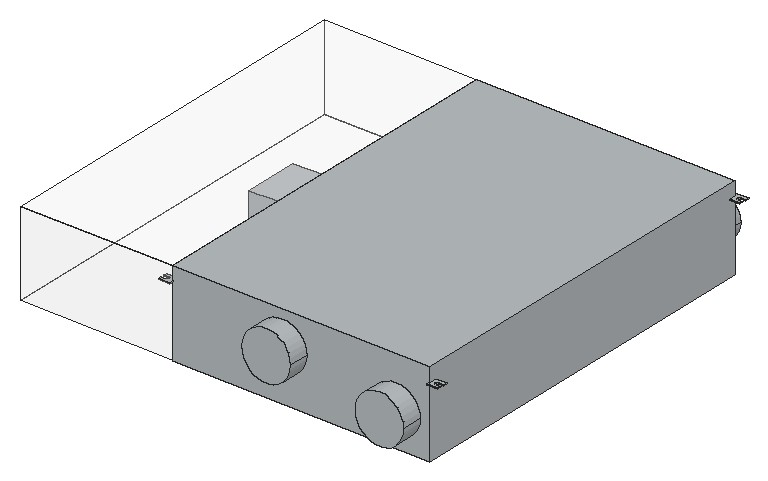
Revit family "業務用ロスナイ_外気処理ユニット", category 機械設備, Revit 2019
Family settings
  丸型コネクタ寸法 = 直径を使用
  パーツ タイプ = 標準
  OmniClass 番号 = 23.75.10.34.21
  OmniClass タイトル = Heat Exchangers for Ventilation Air
  作業面ベース = いいえ
  常に垂直 = はい
  ロード時にボイドで切り取り = いいえ
  共有 = いいえ
  部屋計算ポイント = はい
Parameters (values of type "LGH-N50RDF3")
  騒音レベル(dB(A)) = 35
  風量 = MAX風量  # 500.0 m³/h
  面風速 = 4.4 m/s
  電源種別 [instance] = "一般"
  電圧 = 200 V
  電動機出力 = 85 W
  集中コントローラ = ""
  運転質量 = 0.00 kg
  連動 [instance] = ""
  質量 = if(製品質量 > 運転質量, 製品質量, 運転質量) * 1.2  # 88.80 kg
  負荷分類 = 10_ファンコイル類
  説明 = "業務用ロスナイ 外気処理ユニット(天井埋込形加熱加湿付直膨タイプ)"
  設計風量 = 500.0 m³/h
  設置方法 = "天井吊(隠ぺい)形"
  記号 [instance] = ""
  製造元 = "MITSUBISHI ELECTRIC"
  製品質量 = 74.00 kg
  製品出荷対象 = "国内"
  製品リリース年月 = "2019/10/1"
  製品グループ = ""
  給水管_W = 452 mm
  給水管_H = 124 mm
  給水管_Depth = 29 mm
  系統 [instance] = ""
  符号 = "HEU"
  積算_科目 = "1 空気調和設備"
  積算_拾い区分 [instance] = ""
  相 = 1
  盤記号 [instance] = ""
  発停方法 [instance] = "別売リモコン"
  特殊仕様 [instance] = ""
  点検口高さ = -Height  # -333 mm
  点検口離隔 = 150 mm
  点検口2_Width = 点検口2_Depth  # 450 mm
  点検口1_Width = 点検口1_Depth  # 450 mm
  点検口2_Depth = 450 mm
  点検口1_Depth = 450 mm
  点検口1_Center = 450 mm
  点検口 = yes
  火災停止 [instance] = "〇"
  温度交換効率 = 70.00%
  消費電力_加湿器 = 0 W
  消費電力 = 300 W
  法定耐用年数 = "15"
  機外静圧_排気 = 140.0 Pa
  機外静圧 = 140.0 Pa
  極数 = 1
  材質 [instance] = ""
  本体マテリアル = 亜鉛めっき鋼板
  有効加湿量 = 3.2
  操作・制御方式 = ""
  操作・制御スイッチ = ""
  排気量 = 500.0 m³/h
  形式_加湿器 = ""
  形式 = "天井埋込ダクト形"
  幹線記号 [instance] = ""
  対象室 [instance] = ""
  実風量 = 500.0 m³/h
  始動方式 [instance] = "直入"
  天吊金具_径 = 6.5 mm
  天吊金具_幅 = 20 mm
  外気量 = 設計風量  # 500.0 m³/h
  呼称 = "全熱交換ユニット"
  周波数 = 50 Hz
  吊りボルトピッチ2 = 1489 mm
  吊りボルトピッチ1 = 1064 mm
  吊りボルト_高さ = 52 mm
  参照している仕様書等のバージョン = "公共建築物標準仕様書（機械設備工事編）平成31年度版"
  加湿給水管径 = 23 mm
  初期抵抗 = 0.0 Pa
  分類コード = "50052504100070"
  分類グループ = ""
  冷媒液管径 = 6.35 mm
  冷媒液管_H = 55 mm
  冷媒液管_Depth = 105 mm
  冷媒ガス管径 = 12.7 mm
  冷媒ガス管_H = 170 mm
  価格 = 0
  企業コード = "108420"
  付属品_フィルター_還気 = "不織布フィルター"
  付属品_フィルター = "不織布フィルター"
  付属品 [instance] = "ダクト接続フランジ(4個)、取付ねじ16本、取付工事説明書、熱交換器冷媒接続口断熱材、結束バンド4本、ドレンホース、ドレンホース結束バンド1個、天吊補助金具4個"
  仕様書バージョン = "Version1.0"
  モデル = "LGH-N50RDF3"
  メンテナンススペース = yes
  ドレン管径 = 32 mm
  ドレン管_W = 442 mm
  ドレン管_H = 33 mm
  ドレン管_Depth = 29 mm
  コメント [instance] = ""
  Keynote = ""
  冷媒ガス管_Depth = 110 mm
  エンタルピ交換効率_暖房 = 68.50%
  エンタルピ交換効率_冷房 = 64.50%
  Assembly Code = ""
  Width = 1016 mm
  Version = ""
  Uniclass2015Version = "Systems v1.9"
  Uniclass2015Title = "Thermal wheels"
  Uniclass2015Code = "Pr_60_60_36_88"
  URL = "https://www.mitsubishielectric.co.jp/ldg/wink/ssl/displayProduct.do?pid=301602&ccd=2020171022"
  SpecificationReference = ""
  SpecificationDescription = ""
  SAサイズ_W = 0 mm
  SAサイズ_D = 192 mm
  Revision = ""
  冷媒液管_W = 52 mm
  冷媒ガス管_W = 312 mm
  RAサイズ_W = 0 mm
  RAサイズ_D = 192 mm
  ProductInformation = ""
  OmniClassCode = "23-27 23 19 11"
  OAダクト接続口方向_通常 = yes
  OAダクト接続口方向_変更 = not(OAダクト接続口方向_通常)  # no
  OAサイズ_W = 0 mm
  OAサイズ_D = 192 mm
  MIN風量 = 230.0 m³/h
  MIN静圧 = 30.0 Pa
  MID風量 = 420.0 m³/h
  MID静圧 = 99.0 Pa
  MAX風量 = 500.0 m³/h
  MAX静圧 = 140.0 Pa
  IfcTypeProduct = ""
  IfcProduct = ""
  IfcExportType = "ROTARYWHEEL"
  IfcExportAs = "IfcAirToAirHeatRecoveryType"
  Height = 333 mm
  EAダクト接続口方向_通常 = yes
  EAダクト接続口方向_変更 = not(EAダクト接続口方向_通常)  # no
  EAサイズ_W = 0 mm
  EAサイズ_D = 192 mm
  Duct_Width_RA = 373 mm
  Duct_Pitch_SA_RA = 447 mm
  Duct_Pitch_OA_EA = 745 mm
  Duct_Height_SA = 204 mm
  Duct_Height = 137 mm
  Duct_Depth_SA_RA = 79 mm
  Duct_Depth_OA_EA = 79 mm
  Duct_Change_Center = 124 mm
  Depth = 1501 mm
  Clearance Top = Height  # 333 mm
  Clearance Left = 600 mm
  Box_Depth = 120 mm
  Box_Height = 290 mm
  Box_H = 37 mm
  Box_Width = 217 mm
  Box_W = 529 mm
  Author = "MITSUBISHI ELECTRIC"
Types (3, lengths in mm): name | 騒音レベル(dB(A)) | 風量 | 面風速 | 電動機出力 | 質量 | 設計風量 | 製品質量 | 給水管_H | 点検口高さ | 点検口1_Width | 点検口1_Depth | 点検口1_Center | 温度交換効率 | 消費電力 | 機外静圧_排気 | 機外静圧 | 有効加湿量 | 排気量 | 実風量 | 天吊金具_径 | 天吊金具_幅 | 外気量 | 吊りボルトピッチ2 | 吊りボルトピッチ1 | 吊りボルト_高さ | 冷媒液管径 | 冷媒液管_Depth | 冷媒ガス管径 | 冷媒ガス管_H | 付属品 | モデル | ドレン管_W | ドレン管_H | 冷媒ガス管_Depth | エンタルピ交換効率_暖房 | エンタルピ交換効率_冷房 | Width | URL | SAサイズ_D | RAサイズ_D | OAサイズ_D | MIN風量 | MIN静圧 | MID風量 | MID静圧 | MAX風量 | MAX静圧 | Height | EAサイズ_D | Duct_Width_RA | Duct_Pitch_SA_RA | Duct_Pitch_OA_EA | Duct_Height_SA | Duct_Height | Duct_Depth_OA_EA | Duct_Change_Center | Depth | Clearance Top | Clearance Left | Box_H | Box_W
  LGH-N50RDF3 | 35 | 500.0 m³/h | 4.4 m/s | 85 W | 88.80 kg | 500.0 m³/h | 74.00 kg | 124 | -333 | 450 | 450 | 450 | 70.00% | 300 W | 140.0 Pa | 140.0 Pa | 3.2 | 500.0 m³/h | 500.0 m³/h | 6.5 | 20 | 500.0 m³/h | 1489 | 1064 | 52 | 6.35 | 105 | 12.7 | 170 | "ダクト接続フランジ(4個)、取付ねじ16本、取付工事説明書、熱交換器冷媒接続口断熱材、結束バンド4本、ドレンホース、ドレンホース結束バンド1個、天吊補助金具4個" | "LGH-N50RDF3" | 442 | 33 | 110 | 68.50% | 64.50% | 1016 | "https://www.mitsubishielectric.co.jp/ldg/wink/ssl/displayProduct.do?pid=301602&ccd=2020171022" | 192 | 192 | 192 | 230.0 m³/h | 30.0 Pa | 420.0 m³/h | 99.0 Pa | 500.0 m³/h | 140.0 Pa | 333 | 192 | 373 | 447 | 745 | 204 | 137 | 79 | 124 | 1501 | 333 | 600 | 37 | 529
  LGH-N80RDF3-50 | 35 | 800.0 m³/h | 4.5 m/s | 149 W | 134.40 kg | 800.0 m³/h | 112.00 kg | 148 | -408 | 600 | 600 | 640 | 71.00% | 490 W | 165.0 Pa | 165.0 Pa | 4.8 | 800.0 m³/h | 800.0 m³/h | 7.5 | 30 | 800.0 m³/h | 1419 | 1271 | 0 | 6.35 | 110 | 12.7 | 195 | "ダクト接続フランジ(4個)、取付ねじ16本、取付工事説明書、熱交換器冷媒接続口断熱材、結束バンド4本、ドレンホース、ドレンホース結束バンド1個、天吊補助金具2個" | "LGH-N80RDF3-50" | 428 | 31 | 115 | 72.00% | 67.00% | 1231 | "https://www.mitsubishielectric.co.jp/ldg/wink/ssl/displayProduct.do?pid=301599&ccd=2020171022" | 242 | 242 | 242 | 320.0 m³/h | 26.0 Pa | 620.0 m³/h | 99.0 Pa | 800.0 m³/h | 165.0 Pa | 408 | 242 | 460 | 745 | 917 | 243 | 204 | 83 | 161 | 1765 | 408 | 800 | 59 | 569
  LGH-N100RDF3-50 | 38 | 1000.0 m³/h | 5.7 m/s | 231 W | 136.80 kg | 1000.0 m³/h | 114.00 kg | 148 | -408 | 600 | 600 | 640 | 70.00% | 620 W | 160.0 Pa | 160.0 Pa | 6.4 | 1000.0 m³/h | 1000.0 m³/h | 7.5 | 30 | 1000.0 m³/h | 1419 | 1271 | 0 | 9.52 | 110 | 15.88 | 195 | "ダクト接続フランジ(4個)、取付ねじ16本、取付工事説明書、熱交換器冷媒接続口断熱材、結束バンド4本、ドレンホース、ドレンホース結束バンド1個、天吊補助金具2個" | "LGH-N100RDF3-50" | 428 | 31 | 115 | 70.50% | 66.00% | 1231 | "https://www.mitsubishielectric.co.jp/ldg/wink/ssl/displayProduct.do?pid=301593&ccd=2020171022" | 242 | 242 | 242 | 430.0 m³/h | 30.0 Pa | 850.0 m³/h | 116.0 Pa | 1000.0 m³/h | 160.0 Pa | 408 | 242 | 460 | 745 | 917 | 243 | 204 | 83 | 161 | 1765 | 408 | 800 | 59 | 569
Reference planes
  plane 1 "中心(正面/背面)": y = 0
  plane 2: z = 0
  plane 3 "中心(左/右)": x = 0
  plane 4: x = -508
  plane 5: x = 508
  plane 6: y = 750.5
  plane 7: y = -750.5
  plane 8: z = -333
  plane 9: z = -196
  plane 10: z = -129
  plane 11: x = 373
  plane 12: x = -74
  plane 13: y = -829.5
  plane 14: y = 829.5
  plane 15: x = -372.5
  plane 16: x = 372.5
  plane 17: y = -221.5
  plane 18: z = -6
  plane 19: y = -4.5
  plane 20: z = -296
  plane 21: x = -628
  plane 22: y = -438.5
  plane 23: y = -386.5
  plane 24: y = -308.5
  plane 25: y = -298.5
  plane 26: z = -163
  plane 27: z = -218
  plane 28: z = -300
  plane 29: z = -209
  plane 30: x = -618
  plane 31: x = -537
  plane 32: x = -537
  plane 33: x = -613
  plane 34: y = 626.5
  plane 35: x = -587
  plane 36: x = 587
  plane 37: x = -1108
  plane 38: z = -333
  plane 39: y = -300.5
  plane 40: x = -658
  plane 41: y = 525.5
  plane 42: x = -532
  plane 43: x = 532
  plane 44: y = -744.5
  plane 45: y = 744.5
  plane 46: y = 300.5
  plane 47: y = 75.5
  plane 48: x = -552
  plane 49: x = 552
  plane 50: y = 724.5
  plane 51: y = 764.5
  plane 52: z = -52
  plane 53: z = -55
  plane 54: y = -724.5
  plane 55: y = -764.5
Forms (mm)
  Extrusion 1, solid, material "亜鉛めっき鋼板" <- "本体マテリアル", detail levels fine
    sketch origin (0, 0, 0) x (1, 0, 0) y (0, 1, 0)
      loop
        line (-508, 750.5) -> (-508, -750.5) -> (508, -750.5) -> (508, 750.5) -> (-508, 750.5)
    from 0 to -333
  Extrusion 2, solid, material "亜鉛めっき鋼板" <- "本体マテリアル", detail levels fine
    sketch origin (0, 0, 0) x (1, 0, 0) y (0, 0, 1)
      loop
        circle (-74, -129) r 96
    from 750.5 to 829.5
  Extrusion 3, solid, material "亜鉛めっき鋼板" <- "本体マテリアル", visible <- "OAダクト接続口方向_通常", detail levels fine
    sketch origin (0, 0, 0) x (1, 0, 0) y (0, 0, 1)
      loop
        circle (-372.5, -196) r 96
    from -829.5 to -750.5
  Extrusion 4, solid, material "亜鉛めっき鋼板" <- "本体マテリアル", visible <- "EAダクト接続口方向_通常", detail levels fine
    sketch origin (0, 0, 0) x (1, 0, 0) y (0, 0, 1)
      loop
        circle (372.5, -196) r 96
    from -829.5 to -750.5
  Extrusion 5, solid, material "亜鉛めっき鋼板" <- "本体マテリアル", detail levels fine
    sketch origin (0, 0, 0) x (0, 1, 0) y (0, 0, 1)
      loop
        line (-221.5, -6) -> (-221.5, -296) -> (-4.5, -296) -> (-4.5, -6) -> (-221.5, -6)
    from -628 to -508
  Extrusion 6, solid, material "亜鉛めっき鋼板" <- "本体マテリアル", detail levels fine
    sketch origin (0, 0, 0) x (0, 1, 0) y (0, 0, 1)
      loop
        circle (-438.5, -163) r 6.35
    from -618 to -508
  Extrusion 7, solid, material "亜鉛めっき鋼板" <- "本体マテリアル", detail levels fine
    sketch origin (0, 0, 0) x (0, 1, 0) y (0, 0, 1)
      loop
        circle (-386.5, -218) r 3.175
    from -613 to -508
  Extrusion 8, solid, material "亜鉛めっき鋼板" <- "本体マテリアル", detail levels fine
    sketch origin (0, 0, 0) x (0, 1, 0) y (0, 0, 1)
      loop
        circle (-308.5, -300) r 16
    from -537 to -508
  Extrusion 9, solid, material "亜鉛めっき鋼板" <- "本体マテリアル", detail levels fine
    sketch origin (0, 0, 0) x (0, 1, 0) y (0, 0, 1)
      loop
        circle (-298.5, -209) r 11.5
    from -537 to -508
  Extrusion 10, solid, material "亜鉛めっき鋼板" <- "本体マテリアル", visible <- "OAダクト接続口方向_変更", detail levels fine
    sketch origin (0, 0, 0) x (0, 1, 0) y (0, 0, 1)
      loop
        circle (626.5, -196) r 96
    from -587 to -508
  Extrusion 11, solid, material "亜鉛めっき鋼板" <- "本体マテリアル", visible <- "EAダクト接続口方向_変更", detail levels fine
    sketch origin (0, 0, 0) x (0, 1, 0) y (0, 0, 1)
      loop
        circle (626.5, -196) r 96
    from 508 to 587
  Extrusion 12, solid, material "亜鉛めっき鋼板" <- "本体マテリアル", detail levels fine
    sketch origin (0, 0, 0) x (1, 0, 0) y (0, 1, 0)
      loop
        line (-508, 764.5) -> (-552, 764.5) -> (-552, 751) -> (-532, 751)
        arc (-532, 751) -> (-525.5, 744.5) -> (-532, 738) r 6.5
        line (-532, 738) -> (-552, 738) -> (-552, 724.5) -> (-508, 724.5) -> (-508, 764.5)
    from -52 to -55
  Extrusion 13, solid, material "亜鉛めっき鋼板" <- "本体マテリアル", detail levels fine
    sketch origin (0, 0, 0) x (-1, 0, 0) y (0, -1, 0)
      loop
        line (-508, -764.5) -> (-508, -724.5) -> (-552, -724.5) -> (-552, -738) -> (-532, -738)
        arc (-532, -738) -> (-525.5, -744.5) -> (-532, -751) r 6.5
        line (-532, -751) -> (-552, -751) -> (-552, -764.5) -> (-508, -764.5)
    from -52 to -55
  Extrusion 14, solid, material "亜鉛めっき鋼板" <- "本体マテリアル", detail levels fine
    sketch origin (0, 0, 0) x (-1, 0, 0) y (0, -1, 0)
      loop
        line (-508, 764.5) -> (-552, 764.5) -> (-552, 751) -> (-532, 751)
        arc (-532, 751) -> (-525.5, 744.5) -> (-532, 738) r 6.5
        line (-532, 738) -> (-552, 738) -> (-552, 724.5) -> (-508, 724.5) -> (-508, 764.5)
    from -52 to -55
  Extrusion 15, solid, material "亜鉛めっき鋼板" <- "本体マテリアル", detail levels fine
    sketch origin (0, 0, 0) x (1, 0, 0) y (0, 1, 0)
      loop
        line (-508, -764.5) -> (-508, -724.5) -> (-552, -724.5) -> (-552, -738) -> (-532, -738)
        arc (-532, -738) -> (-525.5, -744.5) -> (-532, -751) r 6.5
        line (-532, -751) -> (-552, -751) -> (-552, -764.5) -> (-508, -764.5)
    from -52 to -55
  Extrusion 16, solid, material "亜鉛めっき鋼板" <- "本体マテリアル", detail levels fine
    sketch origin (0, 0, 0) x (1, 0, 0) y (0, 0, 1)
      loop
        circle (373, -196) r 96
    from 750.5 to 829.5
Lines and regions (mm)
  Masking region 1, detail levels coarse+medium
    outline origin (0, 0, 0) x (1, 0, 0) y (0, 1, 0)
      loop
        line (-508, 750.5) -> (-508, -750.5) -> (508, -750.5) -> (508, 750.5) -> (-508, 750.5)
  symbolic lines, detail levels coarse+medium
    curve 1: line (-1.977, 747.977, 0) -> (-508, 0, 0)
    curve 2: line (-508, 0, 0) -> (1.977, -747.977, 0)
    curve 3: line (1.977, -747.977, 0) -> (508, 0, 0)
    curve 4: line (508, 0, 0) -> (-1.977, 747.977, 0)
Dimensions and locks
  equal spacing: plane 4, plane 3 "中心(左/右)", plane 5
  "Width": plane 4 to plane 5
  equal spacing: plane 6, plane 1 "中心(正面/背面)", plane 7
  "Depth": plane 6 to plane 7
  "Height": level to plane 8
  "Duct_Height": plane 9 to plane 8
  "Duct_Height_SA": plane 10 to plane 8
  "Duct_Width_RA": plane 11 to plane 3 "中心(左/右)"
  "Duct_Pitch_SA_RA": plane 11 to plane 12
  "Duct_Depth_SA_RA": plane 7 to plane 13
  "Duct_Depth_OA_EA": plane 6 to plane 14
  equal spacing: plane 15, plane 3 "中心(左/右)", plane 16
  "Duct_Pitch_OA_EA": plane 15 to plane 16
  "Box_W": plane 17 to plane 7
  "Box_Width": plane 19 to plane 17
  "Box_Height": plane 18 to plane 20
  "Box_Depth": plane 21 to plane 4
  "冷媒ガス管_W": plane 22 to plane 7
  "冷媒液管_W": plane 23 to plane 22
  "ドレン管_W": plane 24 to plane 7
  "給水管_W": plane 25 to plane 7
  "冷媒ガス管_H": plane 26 to plane 8
  "冷媒液管_H": plane 27 to plane 26
  "Box_H": plane 20 to plane 8
  "ドレン管_H": plane 8 to plane 28
  "給水管_H": plane 8 to plane 29
  "冷媒ガス管_Depth": plane 30 to plane 4
  "給水管_Depth": plane 31 to plane 4
  "ドレン管_Depth": plane 32 to plane 4
  "冷媒液管_Depth": plane 33 to plane 4
  "Duct_Change_Center": plane 6 to plane 34
  "Duct_Depth_SA_RA": plane 35 to plane 4
  "Duct_Depth_SA_RA": plane 5 to plane 36
  "Clearance Left": plane 37 to plane 4
  nested 1 to plane 4 = 0 mm
  "Clearance Top": level to plane 38
  "点検口2_Depth": plane 39 to plane 7
  "点検口離隔": plane 40 to plane 4
  equal spacing: plane 42, plane 3 "中心(左/右)", plane 43
  "吊りボルトピッチ1": plane 42 to plane 43
  equal spacing: plane 45, plane 1 "中心(正面/背面)", plane 44
  "吊りボルトピッチ2": plane 45 to plane 44
  "点検口1_Center": plane 6 to plane 46
  equal spacing: plane 47, plane 46, plane 41
  "点検口1_Depth": plane 41 to plane 47
  "天吊金具_幅": plane 48 to plane 42
  "天吊金具_幅": plane 43 to plane 49
  locked: plane 51 to plane 50 at 40
  equal spacing: plane 51, plane 45, plane 50
  "吊りボルト_高さ": level to plane 52
  locked: plane 52 to plane 53 at 3
  locked: plane 55 to plane 54 at 40
  equal spacing: plane 55, plane 44, plane 54
  "SAサイズ_D": diameter of Extrusion 2 sketch curve
  "OAサイズ_D": diameter of Extrusion 3 sketch curve
  "EAサイズ_D": diameter of Extrusion 4 sketch curve
  "冷媒ガス管径": diameter of Extrusion 6 sketch curve
  "冷媒液管径": diameter of Extrusion 7 sketch curve
  "ドレン管径": diameter of Extrusion 8 sketch curve
  "加湿給水管径": diameter of Extrusion 9 sketch curve
  "OAサイズ_D": diameter of Extrusion 10 sketch curve
  "EAサイズ_D": diameter of Extrusion 11 sketch curve
  "天吊金具_径": radius of Extrusion 12 sketch curve
  "天吊金具_径": radius of Extrusion 13 sketch curve
  "天吊金具_径": radius of Extrusion 14 sketch curve
  "天吊金具_径": radius of Extrusion 15 sketch curve
  "RAサイズ_D": diameter of Extrusion 16 sketch curve
  aligned and locked: level to plane 2
  aligned and locked: Masking region 1 to plane 7
  aligned and locked: Masking region 1 to plane 4
  aligned and locked: plane 6 to Masking region 1
  aligned and locked: plane 5 to Masking region 1
  aligned and locked: Extrusion 1 to plane 8
  aligned and locked: plane 7 to Extrusion 2
  aligned and locked: Extrusion 4 to plane 14
  aligned and locked: Extrusion 3 to plane 14
  aligned and locked: Extrusion 3 to plane 6
  aligned and locked: Extrusion 4 to plane 6
  aligned and locked: Extrusion 5 to plane 21
  aligned and locked: Extrusion 5 to plane 20
  aligned and locked: plane 17 to Extrusion 5
  aligned and locked: Extrusion 5 to plane 19
  aligned and locked: plane 18 to Extrusion 5
  aligned and locked: Extrusion 6 to plane 30
  aligned and locked: plane 4 to Extrusion 6
  aligned and locked: plane 4 to Extrusion 9
  aligned and locked: Extrusion 9 to plane 31
  aligned and locked: Extrusion 8 to plane 32
  aligned and locked: plane 4 to Extrusion 8
  aligned and locked: Extrusion 7 to plane 33
  aligned and locked: plane 4 to Extrusion 7
  aligned and locked: Extrusion 10 to plane 35
  aligned and locked: plane 4 to Extrusion 10
  aligned and locked: plane 36 to Extrusion 11
  aligned and locked: Extrusion 11 to plane 5
  aligned and locked: plane 38 to nested 1
  aligned and locked: plane 4 to nested 1
  aligned and locked: plane 37 to nested 1
  aligned and locked: nested 1 to plane 6
  aligned and locked: nested 1 to plane 7
  aligned and locked: plane 43 to nested 2
  aligned and locked: plane 45 to nested 2
  aligned and locked: nested 2 to plane 44
  aligned and locked: plane 42 to nested 2
  aligned and locked: plane 40 to nested 3
  aligned and locked: nested 3 to plane 41
  aligned and locked: plane 40 to nested 4
  aligned and locked: plane 7 to nested 4
  aligned and locked: plane 39 to nested 4
  aligned and locked: plane 47 to nested 3
  aligned and locked: Extrusion 12 to plane 48  (x2)
  aligned and locked: Extrusion 12 to plane 51
  aligned and locked: Extrusion 12 to plane 50
  aligned and locked: Extrusion 12 to Masking region 1
  aligned and locked: Extrusion 12 to plane 52
  aligned and locked: Extrusion 12 to plane 53
  aligned and locked: Extrusion 13 to plane 49  (x2)
  aligned and locked: Extrusion 13 to plane 51
  aligned and locked: Extrusion 13 to plane 50
  aligned and locked: Extrusion 13 to Masking region 1
  aligned and locked: Extrusion 14 to plane 55
  aligned and locked: Extrusion 14 to plane 54
  aligned and locked: Extrusion 15 to plane 55
  aligned and locked: Extrusion 15 to plane 48  (x2)
  aligned and locked: Extrusion 15 to plane 54
  aligned and locked: Extrusion 15 to Masking region 1
  aligned and locked: Extrusion 15 to Extrusion 12  (x2)
  aligned and locked: Extrusion 14 to plane 53
  aligned and locked: plane 52 to Extrusion 14
  aligned and locked: plane 52 to Extrusion 13
  aligned and locked: Extrusion 13 to plane 53
  aligned and locked: Extrusion 5 to Masking region 1
  aligned and locked: Extrusion 2 to plane 13
  aligned and locked: Extrusion 2 to Extrusion 16
  aligned and locked: Extrusion 16 to Masking region 1
Automatic sketch dimensions
  plane 1 "中心(正面/背面)" to curve 1 = 0 mm
  curve 1 to plane 4 = 0 mm
  plane 1 "中心(正面/背面)" to curve 4 = 0 mm
  curve 4 to plane 5 = 0 mm
  curve 4 to plane 3 "中心(左/右)" = 1.977 mm
  plane 3 "中心(左/右)" to curve 3 = 1.977 mm
  plane 7 to curve 3 = 2.523 mm
  curve 4 to plane 6 = 2.523 mm
  Masking region 1 sketch curve to plane 4 = 0 mm
  Masking region 1 sketch curve to plane 5 = 0 mm
  Masking region 1 sketch curve to plane 7 = 0 mm
  Masking region 1 sketch curve to plane 6 = 0 mm
  Extrusion 1 sketch curve to plane 4 = 0 mm
  Extrusion 1 sketch curve to plane 5 = 0 mm
  Extrusion 1 sketch curve to plane 7 = 0 mm
  Extrusion 1 sketch curve to plane 6 = 0 mm
  Extrusion 2 sketch curve to plane 10 = 0 mm
  Extrusion 2 sketch curve to plane 12 = 0 mm
  Extrusion 3 sketch curve to plane 9 = 0 mm
  plane 15 to Extrusion 3 sketch curve = 0 mm
  Extrusion 4 sketch curve to plane 9 = 0 mm
  plane 16 to Extrusion 4 sketch curve = 0 mm
  Extrusion 5 sketch curve to plane 17 = 0 mm
  Extrusion 5 sketch curve to plane 19 = 0 mm
  Extrusion 5 sketch curve to plane 20 = 0 mm
  Extrusion 5 sketch curve to plane 18 = 0 mm
  Extrusion 6 sketch curve to plane 22 = 0 mm
  Extrusion 6 sketch curve to plane 26 = 0 mm
  Extrusion 7 sketch curve to plane 23 = 0 mm
  plane 27 to Extrusion 7 sketch curve = 0 mm
  Extrusion 8 sketch curve to plane 24 = 0 mm
  plane 28 to Extrusion 8 sketch curve = 0 mm
  Extrusion 9 sketch curve to plane 25 = 0 mm
  plane 29 to Extrusion 9 sketch curve = 0 mm
  Extrusion 10 sketch curve to plane 9 = 0 mm
  Extrusion 10 sketch curve to plane 34 = 0 mm
  Extrusion 11 sketch curve to plane 9 = 0 mm
  Extrusion 11 sketch curve to plane 34 = 0 mm
  Extrusion 16 sketch curve to plane 9 = 0 mm
  Extrusion 16 sketch curve to plane 11 = 0 mm
  Extrusion 12 sketch curve to plane 48 = 0 mm  (x2)
  Extrusion 12 sketch curve to plane 42 = 0 mm
  Extrusion 12 sketch curve to plane 4 = 0 mm
  Extrusion 12 sketch curve to plane 50 = 0 mm
  Extrusion 12 sketch curve to plane 45 = 0 mm
  plane 51 to Extrusion 12 sketch curve = 0 mm
  Extrusion 13 sketch curve to plane 49 = 0 mm  (x2)
  Extrusion 13 sketch curve to plane 43 = 0 mm
  Extrusion 13 sketch curve to plane 5 = 0 mm
  Extrusion 13 sketch curve to plane 50 = 0 mm
  Extrusion 13 sketch curve to plane 45 = 0 mm
  plane 51 to Extrusion 13 sketch curve = 0 mm
  Extrusion 14 sketch curve to plane 49 = 0 mm  (x2)
  Extrusion 14 sketch curve to plane 43 = 0 mm
  Extrusion 14 sketch curve to plane 5 = 0 mm
  plane 54 to Extrusion 14 sketch curve = 0 mm
  Extrusion 14 sketch curve to plane 44 = 0 mm
  Extrusion 14 sketch curve to plane 55 = 0 mm
  Extrusion 15 sketch curve to plane 48 = 0 mm  (x2)
  Extrusion 15 sketch curve to plane 42 = 0 mm
  Extrusion 15 sketch curve to plane 4 = 0 mm
  plane 54 to Extrusion 15 sketch curve = 0 mm
  Extrusion 15 sketch curve to plane 44 = 0 mm
  Extrusion 15 sketch curve to plane 55 = 0 mm
Nested families
  nested 1: "メンテナンススペース" at (-808, 0, -166.5), visible <- "メンテナンススペース", type "メンテナンススペース"
    with Width 600 mm, Height 333 mm, Depth 1501 mm
  nested 2: "固定点" at (-532, -744.5, 0), type "固定点"
    with W 1064 mm, D 1489 mm
  nested 3: "点検口設置範囲" at (-883, 300.5, -333), Width <- "点検口1_Width", built-in parameter 1001364 <- "点検口高さ", visible <- "点検口", type "点検口設置範囲"
    with Width 450 mm, Depth 450 mm
  nested 4: "点検口設置範囲" at (-883, -525.5, -333), Width <- "点検口2_Width", built-in parameter 1001364 <- "点検口高さ", visible <- "点検口", type "点検口設置範囲"
    with Width 450 mm, Depth 450 mm
Connectors
  electrical at (-568, -221.5, -151), driven by "極数", driven by "負荷分類", driven by "電圧", driven by "消費電力"
    settings: on Extrusion 5, index 1, voltage 200 V, apparent load 300 VA, apparent load phase1 0 VA, apparent load phase2 0 VA, apparent load phase3 0 VA, power factor 1, load classification "10_ファンコイル類", number of poles 1, system type 30, power factor state 1, is connector primary yes, connector utility no, sub classification motor no, connector description ""
  piping at (-618, -438.5, -163), diameter 12.7, driven by "冷媒ガス管径"
    settings: on Extrusion 6, index 2, connector inside diameter 609.6 mm, connector length 0 mm, flow factor 0, pipe flow 0.0 L/s, pressure drop 0.0 Pa, fitting loss kfactor 0, connector angle 0.00°, fixture units 0, engagement length 0 mm, angle of deflection 0.00°, flow configuration 0, flow direction 1, fitting loss method 0, system type 7, joint type 0, gender type 0, connector reference index -1, connector utility 0, adjustable connector no, is connector primary yes, connector description ""
  piping at (-537, -298.5, -209), diameter 23, driven by "加湿給水管径"
    settings: on Extrusion 9, index 3, connector inside diameter 609.6 mm, connector length 0 mm, flow factor 0, pipe flow 0.0 L/s, pressure drop 0.0 Pa, fitting loss kfactor 0, connector angle 0.00°, fixture units 0, engagement length 0 mm, angle of deflection 0.00°, flow configuration 0, flow direction 1, fitting loss method 0, system type 19, joint type 0, gender type 0, connector reference index -1, connector utility 0, adjustable connector no, is connector primary no, connector description ""
  piping at (-613, -386.5, -218), diameter 6.35, driven by "冷媒液管径"
    settings: on Extrusion 7, index 4, connector inside diameter 609.6 mm, connector length 0 mm, flow factor 0, pipe flow 0.0 L/s, pressure drop 0.0 Pa, fitting loss kfactor 0, connector angle 0.00°, fixture units 0, engagement length 0 mm, angle of deflection 0.00°, flow configuration 0, flow direction 1, fitting loss method 0, system type 7, joint type 0, gender type 0, connector reference index -1, connector utility 0, adjustable connector no, is connector primary no, connector description ""
  piping at (-537, -308.5, -300), diameter 32, driven by "ドレン管径"
    settings: on Extrusion 8, index 5, connector inside diameter 609.6 mm, connector length 0 mm, flow factor 0, pipe flow 0.0 L/s, pressure drop 0.0 Pa, fitting loss kfactor 0, connector angle 0.00°, fixture units 0, engagement length 0 mm, angle of deflection 0.00°, flow configuration 0, flow direction 2, fitting loss method 0, system type 16, joint type 0, gender type 0, connector reference index -1, connector utility 0, adjustable connector no, is connector primary no, connector description ""
  hvac at (-74, -829.5, -129), driven by "SAサイズ_D", driven by "MAX静圧", driven by "風量"
    settings: on Extrusion 2, index 6, duct flow 500.0 m³/h, flow factor 0, pres drop 140.0 Pa, loss coef 0, conn angle 0.00°, conn width 304.8 mm, conn height 304.8 mm, conn diameter 192 mm, duct sys type 1, conn prof type 0, flow config 1, flow direction 2, loss method 4, conn ref index -1, conn util no, is conn primary yes, conn desc ""
  hvac at (372.5, 829.5, -196), driven by "機外静圧_排気", driven by "排気量", driven by "EAサイズ_D"
    settings: on Extrusion 4, index 8, duct flow 500.0 m³/h, flow factor 0, pres drop 140.0 Pa, loss coef 0, conn angle 0.00°, conn width 304.8 mm, conn height 304.8 mm, conn diameter 192 mm, duct sys type 3, conn prof type 0, flow config 0, flow direction 2, loss method 4, conn ref index -1, conn util no, is conn primary no, conn desc ""
  hvac at (-372.5, 829.5, -196), driven by "機外静圧", driven by "外気量", driven by "OAサイズ_D"
    settings: on Extrusion 3, index 9, duct flow 500.0 m³/h, flow factor 0, pres drop 140.0 Pa, loss coef 0, conn angle 0.00°, conn width 304.8 mm, conn height 304.8 mm, conn diameter 192 mm, duct sys type 4, conn prof type 0, flow config 0, flow direction 1, loss method 4, conn ref index -1, conn util no, is conn primary no, conn desc ""
  hvac at (-587, 626.5, -196), driven by "OAサイズ_D", driven by "機外静圧", driven by "風量"
    settings: on Extrusion 10, index 10, duct flow 500.0 m³/h, flow factor 0, pres drop 140.0 Pa, loss coef 0, conn angle 0.00°, conn width 304.8 mm, conn height 304.8 mm, conn diameter 192 mm, duct sys type 3, conn prof type 0, flow config 0, flow direction 1, loss method 4, conn ref index -1, conn util no, is conn primary no, conn desc ""
  hvac at (587, 626.5, -196), driven by "EAサイズ_D", driven by "機外静圧_排気", driven by "排気量"
    settings: on Extrusion 11, index 11, duct flow 500.0 m³/h, flow factor 0, pres drop 140.0 Pa, loss coef 0, conn angle 0.00°, conn width 304.8 mm, conn height 304.8 mm, conn diameter 192 mm, duct sys type 3, conn prof type 0, flow config 0, flow direction 2, loss method 4, conn ref index -1, conn util no, is conn primary no, conn desc ""
  hvac at (373, -829.5, -196), driven by "RAサイズ_D", driven by "機外静圧", driven by "風量"
    settings: on Extrusion 16, index 12, duct flow 500.0 m³/h, flow factor 0, pres drop 140.0 Pa, loss coef 0, conn angle 0.00°, conn width 304.8 mm, conn height 304.8 mm, conn diameter 192 mm, duct sys type 2, conn prof type 0, flow config 0, flow direction 1, loss method 4, conn ref index -1, conn util no, is conn primary no, conn desc ""
Definition of nested family "メンテナンススペース"
  Parameters (values of type "メンテナンススペース")
    Width [instance] = 500 mm
    Height [instance] = 500 mm
    Depth [instance] = 500 mm
  Reference planes
    plane 1 "中心(正面/背面)": y = 0
    plane 2: z = 0
    plane 3 "中心(左/右)": x = 0
    plane 4: y = -250
    plane 5: x = 250
    plane 6: y = 250
    plane 7: x = -250
    plane 8: z = 250
    plane 9: z = -250
  Forms (mm)
    Extrusion 1, solid
      sketch origin (-638.939, 0, 72.39) x (1, 0, 0) y (0, 1, 0)
        loop
          line (388.939, 250) -> (388.939, -250) -> (888.939, -250) -> (888.939, 250) -> (388.939, 250)
      from -322.39 to 177.61
  Lines and regions (mm)
    symbolic lines
      curve 1: line (-250, 0, 250) -> (250, 0, 250)
      curve 2: line (-250, 0, -250) -> (-250, 0, 250)
      curve 3: line (250, 0, -250) -> (-250, 0, -250)
      curve 4: line (250, 0, 250) -> (250, 0, -250)
      curve 5: line (0, -250, 250) -> (0, 250, 250)
      curve 6: line (0, -250, -250) -> (0, -250, 250)
      curve 7: line (0, 250, -250) -> (0, -250, -250)
      curve 8: line (0, 250, 250) -> (0, 250, -250)
      curve 9: line (-250, 250, 0) -> (250, 250, 0)
      curve 10: line (-250, -250, 0) -> (-250, 250, 0)
      curve 11: line (250, -250, 0) -> (-250, -250, 0)
      curve 12: line (250, 250, 0) -> (250, -250, 0)
  Dimensions and locks
    equal spacing: plane 7, plane 3 "中心(左/右)", plane 5
    equal spacing: plane 4, plane 1 "中心(正面/背面)", plane 6
    "Depth": plane 4 to plane 6
    "Width": plane 7 to plane 5
    equal spacing: plane 8, plane 2, plane 9
    "Height": plane 8 to plane 9
    aligned and locked: plane 9 to curve 3
    aligned and locked: plane 7 to curve 2
    aligned and locked: curve 4 to plane 5
    aligned and locked: plane 5 to Extrusion 1
    aligned and locked: Extrusion 1 to plane 7
    aligned and locked: Extrusion 1 to plane 9
    aligned and locked: plane 8 to Extrusion 1
    aligned and locked: plane 9 to curve 7
  Automatic sketch dimensions
    plane 4 to Extrusion 1 sketch curve = 0 mm
    Extrusion 1 sketch curve to plane 7 = 0 mm
    Extrusion 1 sketch curve to plane 5 = 0 mm
    plane 6 to Extrusion 1 sketch curve = 0 mm
    curve 2 to plane 8 = 0 mm
    plane 4 to curve 11 = 0 mm
    curve 11 to plane 7 = 0 mm
    curve 11 to plane 5 = 0 mm
    plane 6 to curve 10 = 0 mm
    curve 7 to plane 4 = 0 mm
    curve 7 to plane 6 = 0 mm
    curve 6 to plane 8 = 0 mm
Definition of nested family "固定点"
  Parameters (values of type "固定点")
    中心円 = 20 mm
    W [instance] = 1000 mm
    D [instance] = 1000 mm
  Reference planes
    plane 1 "中心(正面/背面)": y = 0
    plane 2: z = 0
    plane 3 "中心(左/右)": x = 0
    plane 4: x = 1000
    plane 5: y = 1000
  Lines and regions (mm)
    symbolic lines, detail levels fine
      curve 1: circle (0, 1000, 0) r 10 normal (0, 0, 1)
      curve 2: circle (0, 0, 0) r 10 normal (0, 0, 1)
      curve 3: circle (1000, 1000, 0) r 10 normal (0, 0, 1)
      curve 4: circle (1000, 0, 0) r 10 normal (0, 0, 1)
      curve 5: line (-200, 1000, 0) -> (1200, 1000, 0)
      curve 6: line (-200, 0, 0) -> (1200, 0, 0)
      curve 7: line (0, 1200, 0) -> (0, -200, 0)
      curve 8: line (1000, 1200, 0) -> (1000, -200, 0)
  Dimensions and locks
    "W": plane 3 "中心(左/右)" to plane 4
    "D": plane 1 "中心(正面/背面)" to plane 5
    "中心円": diameter of curve 1
    "中心円": diameter of curve 2
    "中心円": diameter of curve 3
    "中心円": diameter of curve 4
    aligned and locked: level to plane 2
    aligned and locked: plane 5 to curve 1
    aligned and locked: plane 3 "中心(左/右)" to curve 1
    aligned and locked: plane 3 "中心(左/右)" to curve 2
    aligned and locked: plane 1 "中心(正面/背面)" to curve 2
    aligned and locked: plane 4 to curve 3
    aligned and locked: plane 5 to curve 3
    aligned and locked: plane 1 "中心(正面/背面)" to curve 4
    aligned and locked: plane 4 to curve 4
    aligned and locked: plane 1 "中心(正面/背面)" to curve 6
    aligned and locked: curve 7 to plane 3 "中心(左/右)"
    aligned and locked: curve 8 to plane 4
  Automatic sketch dimensions
    curve 5 to plane 5 = 0 mm
    curve 6 to plane 3 "中心(左/右)" = 200 mm
    curve 5 to plane 3 "中心(左/右)" = 200 mm
    curve 4 to curve 6 = 200 mm
    curve 3 to curve 5 = 200 mm
    plane 1 "中心(正面/背面)" to curve 8 = 200 mm
    plane 1 "中心(正面/背面)" to curve 7 = 200 mm
    curve 3 to curve 8 = 200 mm
    curve 1 to curve 7 = 200 mm
Definition of nested family "点検口設置範囲"
  Parameters (values of type "点検口設置範囲")
    Width [instance] = 1000 mm
    Depth [instance] = 700 mm
  Reference planes
    plane 1 "中心(正面/背面)": y = 0
    plane 2: z = 0
    plane 3 "中心(左/右)": x = 0
    plane 4: x = -500
    plane 5: x = 500
    plane 6: y = -350
    plane 7: y = 350
  Lines and regions (mm)
    model lines
      curve 1: line (-500, 350, 0) -> (500, 350, 0)
      curve 2: line (-500, -350, 0) -> (-500, 350, 0)
      curve 3: line (500, -350, 0) -> (-500, -350, 0)
      curve 4: line (500, 350, 0) -> (500, -350, 0)
  Dimensions and locks
    "Depth": plane 7 to plane 6
    "Width": plane 4 to plane 5
    equal spacing: plane 7, plane 1 "中心(正面/背面)", plane 6
    equal spacing: plane 4, plane 3 "中心(左/右)", plane 5
    aligned and locked: level to plane 2
    aligned and locked: plane 4 to curve 2
    aligned and locked: curve 1 to plane 7
    aligned and locked: curve 4 to plane 5
    aligned and locked: plane 6 to curve 3
